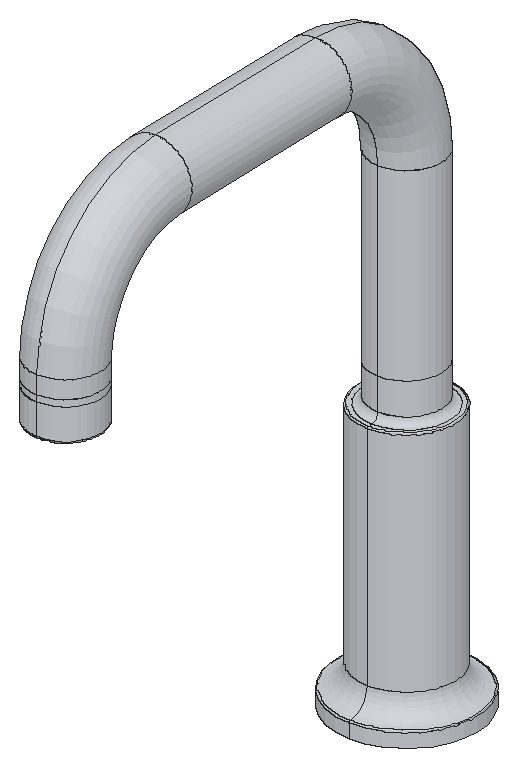
Revit family "Faucet-Deck_Mount-Bath_Spout-KOHLER-Purist-K-14430_1", category Plumbing Fixtures, host Face, Revit 2015
Parameters (values of type "CP-Polished Chrome")
  Width = 2 1/2"  # constant formula
  WaterSense Certified = 1 = 0  # no
  Waste Water Outlet = "Waste Water Outlet"  # constant formula
  Waste Connection = 1 = 0  # no
  Vent Connection = 1 = 0  # no
  URL = "https://www.us.kohler.com/us/"
  Type = 1
  Spout Reach = Length  # 7 1/2"
  Product Page URL = "http://www.us.kohler.com/us/catalog/productDetails.jsp?productNumber=14430"
  Product Name = "Purist"  # constant formula
  Product Documentation Link = "https://www.us.kohler.com/webassets/kpna/catalog/pdf/en/K-14430_spec.pdf"
  Pressure = 0.00 psi
  Model = if(Type = 1, "K-14430-CP", if(Type = 2, "K-14430-SN", if(Type = 3, "K-14430-BN", if(Type = 4, "K-14430-BV", "NA"))))  # "K-14430-CP"
  Material = "Brass Construction"  # constant formula
  MasterFormat 2004 = "22.41.39"  # constant formula
  MasterFormat 1995 = "15410"  # constant formula
  Manufacturer Address = "444 Highland Dr, Kohler, WI 53044"  # constant formula
  Manufacturer = "KOHLER Co."  # constant formula
  Length = 7 1/2"  # constant formula
  Hot Water Inlet = "Hot Water Inlet"  # constant formula
  Height = 11 3/8"  # constant formula
  HW Connection = 1 = 1  # yes
  Flow Rate = 0 GPM
  Finish = Kohler-Metal-CP-Polished_Chrome
  Environmental Product Declaration = ""
  Drain Included = 1 = 0  # no
  Description = "Deck-Mount Non-Diverter Bath Spout"  # constant formula
  Default Elevation = 36"
  Declare Label = ""
  Date Modified = "06/06/2019"  # constant formula
  Date Created = "06/06/2019"  # constant formula
  Copyright = "Copyright KOHLER Co."  # constant formula
  Contact Us = "https://www.us.kohler.com/us/static/contact.jsp"
  Cold Water Inlet = "Cold Water Inlet"  # constant formula
  CW Connection = 1 = 1  # yes
  Assembly Code = "D2010"
  ADA Compliant = 1 = 1  # yes
Types (4): name | Type | Model | Finish
  CP-Polished Chrome | 1 | "K-14430-CP" | Kohler-Metal-CP-Polished_Chrome
  SN-Vibrant Polished Nickel | 2 | "K-14430-SN" | Kohler-Metal-SN-Vibrant_Polished_Nickel
  BN-Vibrant Brushed Nickel | 3 | "K-14430-BN" | Kohler-Metal-BN-Vibrant_Brushed_Nickel
  BV-Vibrant Brushed Bronze | 4 | "K-14430-BV" | Kohler-Metal-BV-Brushed_Bronze
Reference planes (in)
  plane 1 "Center (Front/Back)": y = 0
  plane 2: z = 0
  plane 3 "Center (Left/Right)": x = 0
  plane 4: x = -1.25
  plane 5: x = 1.25
  plane 6: y = -1.25
  plane 7: y = 1.25
  plane 8: y = -7.5
  plane 9: z = 7.75
  plane 10: z = 11.375
  plane 11: y = -8.125
  plane 12: y = -6.875
Dimensions and locks (in)
  "Width": plane 7 to plane 6
  "Length": plane 1 "Center (Front/Back)" to plane 8
  plane 9 to level = 7 3/4"
  "Height": plane 10 to level
  "Width": plane 4 to plane 5
  aligned and locked: plane 2 to host face
  aligned and locked: level to host face
Automatic sketch dimensions
  host sketch curve to host sketch curve = 96"  (x2)
Nested families (in)
  nested 1: "K-14430" at (0, 0, 0), type "K-14430"
Connectors (in)
  piping at (-0.62494, 0, 0), diameter 0.625, driven by "HW Connection", driven by "Hot Water Inlet"
    settings: on nested 1, index 1, connector inside diameter 24", connector length 0", flow factor 0, pipe flow 0 GPM, pressure drop 0.00 psi, fitting loss kfactor 0, connector angle 0.00°, fixture units 0, engagement length 0", angle of deflection 0.00°, flow configuration 0, flow direction 1, fitting loss method 0, system type 19, joint type 0, gender type 0, connector reference index -1, connector utility 1, adjustable connector no, is connector primary yes, connector description "Hot Water Inlet"
  piping at (0.62494, 0, 0), diameter 0.625, driven by "CW Connection", driven by "Cold Water Inlet"
    settings: on nested 1, index 2, connector inside diameter 24", connector length 0", flow factor 0, pipe flow 0 GPM, pressure drop 0.00 psi, fitting loss kfactor 0, connector angle 0.00°, fixture units 0, engagement length 0", angle of deflection 0.00°, flow configuration 0, flow direction 1, fitting loss method 0, system type 20, joint type 0, gender type 0, connector reference index -1, connector utility 1, adjustable connector no, is connector primary no, connector description "Cold Water Inlet"
Definition of nested family "K-14430"
  Parameters (values of type "K-14430")
    Finish = none
  Reference planes (in)
    plane 1 "Center (Front/Back)": y = 0
    plane 2: z = 0
    plane 3 "Center (Left/Right)": x = 0
    plane 4: x = -1.25
    plane 5: x = 1.25
    plane 6: y = -7.5
    plane 7: z = 7.75
    plane 8: z = 11.375
    plane 9: y = -1.25
    plane 10: y = 1.25
  Forms (in)
    Revolve 1, solid, material <- "Finish", detail levels medium+fine
      sketch origin (0, 0, 0) x (0, 1, 0) y (0, 0, 1)
        loop
          line (0, 5.43954) -> (0, 0) -> (1.25, 0) -> (1.25, 0.24922)
          arc (1.25, 0.24922) -> (1.24417, 0.26408) -> (1.22979, 0.27101) r 0.02186
          arc (1.22979, 0.27101) -> (0.96845, 0.39706) -> (0.8625, 0.66718) r 0.3973
          line (0.8625, 0.66718) -> (0.8625, 4.71934)
          arc (0.8625, 4.71934) -> (0.85645, 4.73395) -> (0.84184, 4.74) r 0.02066
          line (0.84184, 4.74) -> (0.75871, 4.74)
          arc (0.75871, 4.74) -> (0.66416, 4.77916) -> (0.625, 4.87371) r 0.13371
          line (0.625, 4.87371) -> (0.625, 5.43954) -> (0, 5.43954)
        axis (0, 5.43954) -> (0, 0)
      angle from 0 to 360
    Sweep 2, solid, material <- "Finish", detail levels medium+fine
      path origin (0, 0, 0) x (0, 1, 0) y (0, 0, 1)
        loop
          line (-7.5, 8.43842) -> (-7.5, 8.75225)
          arc (-7.5, 8.75225) -> (-6.91536, 10.16371) -> (-5.50391, 10.74835) r 1.99609
          line (-5.50391, 10.74835) -> (-1.99609, 10.74835)
          arc (-1.99609, 10.74835) -> (-0.58464, 10.16371) -> (0, 8.75225) r 1.99609
          line (0, 8.75225) -> (0, 5.43954)
      profile origin (0, 0, 7.0959) x (1, 0, 0) y (0, 1, 0)
        loop
          circle (0, 0) r 0.625
    Sweep 3, void
      path origin (0, 0, 0) x (0, 1, 0) y (0, 0, 1)
        loop
          arc (-7.5, 8.75225) -> (-6.91536, 10.16371) -> (-5.50391, 10.74835) r 1.99609
          line (-5.50391, 10.74835) -> (-1.99609, 10.74835)
          arc (-1.99609, 10.74835) -> (-0.58464, 10.16371) -> (0, 8.75225) r 1.99609
          line (0, 8.75225) -> (0, 5.43954)
      profile origin (0, 0, 7.0959) x (1, 0, 0) y (0, 1, 0)
        loop
          circle (0, 0) r 0.5
    Revolve 4, void
      sketch origin (0, 0, 0) x (0, 1, 0) y (0, 0, 1)
        loop
          line (-7.0354, 7.73149) -> (-7.0354, 8.04588) -> (-7.02245, 8.07792) -> (-7.02245, 8.41597) -> (-7, 8.43842) -> (-7, 8.75225) -> (-7.5, 8.75225) -> (-7.5, 7.73149) -> (-7.0354, 7.73149)
        axis (-7.5, 8.75225) -> (-7.5, 7.73149)
      angle from 0 to 360
    Revolve 5, solid, material <- "Finish", detail levels medium+fine
      sketch origin (0, 0, 0) x (0, 1, 0) y (0, 0, 1)
        loop
          line (-7.5, 7.75) -> (-6.89772, 7.75)
          arc (-6.89772, 7.75) -> (-6.88165, 7.75665) -> (-6.875, 7.77272) r 0.02272
          line (-6.875, 7.77272) -> (-6.875, 8.32391) -> (-6.90625, 8.325) -> (-6.875, 8.325) -> (-6.875, 8.43842) -> (-7.5, 8.43842) -> (-7.5, 7.75)
        axis (-7.5, 8.43842) -> (-7.5, 7.75)
      angle from 0 to 360
    Revolve 6, solid, material <- "Finish", detail levels medium+fine
      sketch origin (0, 0, 0) x (0, 1, 0) y (0, 0, 1)
        loop
          line (0.9125, 1.21923) -> (0.89684, 1.24636) -> (0.70281, 1.24636) -> (0.70281, 1.09) -> (0.9125, 1.09) -> (0.9125, 1.21923)
        axis (0.9125, 1.09) -> (0.70281, 1.09)
      angle from 0 to 360
    Extrusion 7, void
      sketch origin (0, 0.9125, 1.09) x (1, 0, 0) y (0, 0, 1)
        loop
          line (0.0787, 0.04463) -> (0, 0.09007) -> (-0.0787, 0.04463) -> (-0.0787, -0.04463) -> (0, -0.09007) -> (0.0787, -0.04463) -> (0.0787, 0.04463)
      from 0 to 0.156
    Revolve 8, void
      sketch origin (0, 0, 0) x (0, 1, 0) y (0, 0, 1)
        loop
          line (0.8375, 1.29) -> (0.8375, 1.24636) -> (0.9842, 1.24636) -> (0.9842, 1.29) -> (0.8375, 1.29)
        axis (0.8375, 1.09) -> (0.9842, 1.09)
      angle from 0 to 360
    Revolve 9, solid, material <- "Finish", detail levels coarse
      sketch origin (0, 0, 0) x (0, 1, 0) y (0, 0, 1)
        loop
          line (0, 4.74) -> (0, 0) -> (1.25, 0) -> (1.25, 0.28047) -> (0.8625, 0.28047) -> (0.8625, 4.74) -> (0, 4.74)
        axis (0, 4.74) -> (0, 0)
      angle from 0 to 360
    Sweep 10, solid, material <- "Finish", detail levels coarse
      path origin (0, 0, 0) x (0, 1, 0) y (0, 0, 1)
        loop
          line (-7.5, 7.75) -> (-7.5, 8.75225)
          arc (-7.5, 8.75225) -> (-6.91536, 10.16371) -> (-5.50391, 10.74835) r 1.99609
          line (-5.50391, 10.74835) -> (-1.99609, 10.74835)
          arc (-1.99609, 10.74835) -> (-0.58464, 10.16371) -> (0, 8.75225) r 1.99609
          line (0, 8.75225) -> (0, 4.74)
      profile origin (0, 0, 6.74613) x (1, 0, 0) y (0, 1, 0)
        loop
          circle (0, 0) r 0.625
    Extrusion 11, solid, material <- "Finish", detail levels medium+fine
      sketch origin (0, 0, 0) x (1, 0, 0) y (0, 1, 0)
        loop
          circle (-0.62494, 0) r 0.14173
        loop
          circle (0.62494, 0) r 0.14173
      from 0 to 0.0559
  Cuts and joins
    Revolve 4, Extrusion 7, Revolve 8 cuts Revolve 1
    Sweep 3, Revolve 4, Extrusion 7 cuts Sweep 2
    Revolve 4, Extrusion 7 cuts Revolve 5
    Extrusion 7 cuts Revolve 6
    joined: Revolve 1, Sweep 2, Revolve 5, Revolve 6
    joined: Revolve 9, Sweep 10
  Lines and regions (in)
    Masking region 1
      outline origin (0, 0, 0) x (0, 1, 0) y (0, 0, 1)
        loop
          line (1.25, 0) -> (1.25, 0.25)
          arc (1.25, 0.25) -> (0.98874, 0.35097) -> (0.86328, 0.60138) r 0.3885
          line (0.86328, 0.60138) -> (0.86328, 0.89)
          arc (0.86328, 0.89) -> (0.85791, 0.91175) -> (0.85316, 0.93364) r 0.78865
          line (0.85316, 0.93364) -> (0.89684, 0.93364) -> (0.9125, 0.96077) -> (0.9125, 1.21923) -> (0.89684, 1.24636) -> (0.85316, 1.24636)
          arc (0.85316, 1.24636) -> (0.85791, 1.26825) -> (0.86328, 1.29) r 0.78865
          line (0.86328, 1.29) -> (0.86328, 4.74023) -> (0.75808, 4.74023)
          arc (0.75808, 4.74023) -> (0.66398, 4.77921) -> (0.625, 4.87332) r 0.13308
          line (0.625, 4.87332) -> (0.625, 8.75916)
          arc (0.625, 8.75916) -> (-0.14116, 10.60884) -> (-1.99084, 11.375) r 2.61584
          line (-1.99084, 11.375) -> (-5.49086, 11.375)
          arc (-5.49086, 11.375) -> (-7.35348, 10.60348) -> (-8.125, 8.74086) r 2.63414
          line (-8.125, 8.74086) -> (-8.125, 7.77074) -> (-8.09539, 7.75) -> (-6.90461, 7.75) -> (-6.875, 7.77074) -> (-6.875, 8.73535)
          arc (-6.875, 8.73535) -> (-6.46798, 9.71798) -> (-5.48535, 10.125) r 1.38965
          line (-5.48535, 10.125) -> (-1.99757, 10.125)
          arc (-1.99757, 10.125) -> (-1.02702, 9.72298) -> (-0.625, 8.75243) r 1.37257
          line (-0.625, 8.75243) -> (-0.625, 4.87332)
          arc (-0.625, 4.87332) -> (-0.66398, 4.77921) -> (-0.75808, 4.74023) r 0.13308
          line (-0.75808, 4.74023) -> (-0.86328, 4.74023) -> (-0.86328, 0.60138)
          arc (-0.86328, 0.60138) -> (-0.98874, 0.35097) -> (-1.25, 0.25) r 0.3885
          line (-1.25, 0.25) -> (-1.25, 0) -> (1.25, 0)
    Masking region 2
      outline origin (0, 0, 0) x (1, 0, 0) y (0, 0, 1)
        loop
          line (-1.25, 0) -> (1.25, 0) -> (1.25, 0.25)
          arc (1.25, 0.25) -> (0.99711, 0.34285) -> (0.86438, 0.57728) r 0.39082
          line (0.86438, 0.57728) -> (0.86438, 4.74219) -> (0.73487, 4.74219)
          arc (0.73487, 4.74219) -> (0.65718, 4.77437) -> (0.625, 4.85206) r 0.10987
          line (0.625, 4.85206) -> (0.625, 10.75015)
          arc (0.625, 10.75015) -> (0, 11.37515) -> (-0.625, 10.75015) r 0.625
          line (-0.625, 10.75015) -> (-0.625, 4.85206)
          arc (-0.625, 4.85206) -> (-0.65718, 4.77437) -> (-0.73487, 4.74219) r 0.10987
          line (-0.73487, 4.74219) -> (-0.86438, 4.74219) -> (-0.86438, 0.57728)
          arc (-0.86438, 0.57728) -> (-0.99711, 0.34285) -> (-1.25, 0.25) r 0.39082
          line (-1.25, 0.25) -> (-1.25, 0)
    Masking region 3
      outline origin (0, 0, 0) x (1, 0, 0) y (0, 1, 0)
        loop
          arc (0.62494, -1.08257) -> (0, 1.25) -> (-0.62494, -1.08257) r 1.25
          line (-0.62494, -1.08257) -> (-0.62494, -7.50883)
          arc (-0.62494, -7.50883) -> (0, -8.125) -> (0.62494, -7.50883) r 0.625
          line (0.62494, -7.50883) -> (0.62494, -1.08257)
    symbolic lines, detail levels medium+fine
      curve 1: line (0, 1.25, 0.25) -> (0, -1.25, 0.25)
      curve 2: line (0, 0.75808, 4.74023) -> (0, -0.75808, 4.74023)
      curve 3: line (0, 0.625, 4.87332) -> (0, -0.625, 4.87332)
      curve 4: line (0, -6.875, 8.325) -> (0, -8.125, 8.325)
      curve 5: arc (0, 0.85316, 0.93364) -> (0, 0.8375, 1.09) -> (0, 0.85316, 1.24636) r 0.78865
      curve 6: line (0, 0.89684, 1.24636) -> (0, 0.89684, 0.93364)
      curve 7: line (-1.25, 0, 0.25) -> (1.25, 0, 0.25)
      curve 8: line (-0.73487, 0, 4.74219) -> (0.73487, 0, 4.74219)
      curve 9: line (-0.625, 0, 4.85206) -> (0.625, 0, 4.85206)
      curve 10: line (-0.60163, 0, 7.75) -> (0.60163, 0, 7.75)
      curve 11: line (0.625, 0, 8.325) -> (-0.625, 0, 8.325)
      curve 12: line (-0.625, 0, 7.77031) -> (0.625, 0, 7.77031)
      curve 13: line (-0.625, 0, 7.77031) -> (-0.60163, 0, 7.75)
      curve 14: line (0.625, 0, 7.77031) -> (0.60163, 0, 7.75)
      curve 15: arc (0.62494, -0.59593, 0) -> (0, 0.86353, 0) -> (-0.62494, -0.59593, 0) r 0.86353
      curve 16: line (-0.12923, 0.9125, 0) -> (0.12923, 0.9125, 0)
      curve 17: line (-0.12923, 0.9125, 0) -> (-0.15636, 0.89684, 0)
      curve 18: line (-0.15636, 0.89684, 0) -> (-0.15636, 0.84925, 0)
      curve 19: line (-0.15636, 0.89684, 0) -> (0.15636, 0.89684, 0)
      curve 20: line (0.12923, 0.9125, 0) -> (0.15636, 0.89684, 0)
      curve 21: line (0.15636, 0.89684, 0) -> (0.15636, 0.84925, 0)
      curve 22: line (-0.62494, -1.08257, 0) -> (-0.62494, 0.04546, 0)
      curve 23: line (0.62494, -1.08257, 0) -> (0.62494, 0.04546, 0)
      curve 24: arc (0.62494, 0.04546, 0) -> (0, 0.62659, 0) -> (-0.62494, 0.04546, 0) r 0.62659
      curve 25: line (0, -6.875, 7.77074) -> (0, -8.125, 7.77074)
  Dimensions and locks (in)
    plane 4 to plane 5 = 2 1/2"
    plane 8 to level = 11 3/8"
    plane 7 to level = 7 3/4"
    plane 1 "Center (Front/Back)" to plane 6 = 7 1/2"
    aligned and locked: plane 2 to level
